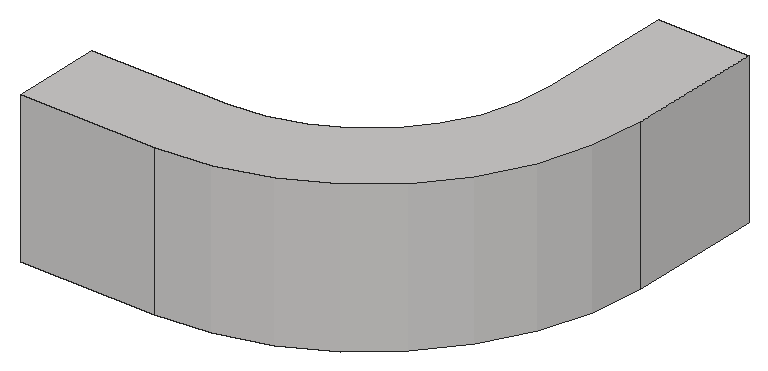
Revit family "S4R_OBO BETTERMANN_CableTray_Bend_Vertical_Inside_RBV S FT", category Cable Tray Fittings, Revit 2012
Parameters
  Wholesaler art.no. = ""
  Wholesaler = ""
  Watermarked By = "www.stabiplan.com"
  WIDTH2 [instance] = WIDTH1  # 100 mm
  WIDTH1 [instance] = 100 mm
  VERSION = "91900"  # constant formula
  URL = "www.stabiplan.com"
  built-in parameter 1140111 [instance] = 1 mm
  TYPE [instance] = "RBV  S FT"  # constant formula
  StabiCAD_PM = ""
  Safe_Half_Width2 [instance] = 50 mm
  Safe_Half_Width1 [instance] = 50 mm
  Safe_Half_Height2 [instance] = if(not([built-in parameter 1140115] > Half_Height2), [built-in parameter 1140115] - 0.2 mm, Half_Height2)  # 30 mm
  Safe_Half_Height1 [instance] = if(not([built-in parameter 1140115] > Half_Height1), [built-in parameter 1140115] - 0.2 mm, Half_Height1)  # 30 mm
  Manufacturer = "OBO BETTERMANN"  # constant formula
  Lmin [instance] = if(LENGTH1 > LENGTH2, LENGTH2, LENGTH1) - L2_Tail  # 150 mm
  PRODUCTLINE [instance] = "OBO BETTERMANN CableTrays"  # constant formula
  LENGTH2 [instance] = if(and(WIDTH1 = 50 mm, HEIGHT1 = 60 mm, ANGLE2 = 90.00°), 240 mm, if(and(WIDTH1 = 100 mm, HEIGHT1 = 60 mm, ANGLE2 = 90.00°), 240 mm, if(and(WIDTH1 = 150 mm, HEIGHT1 = 60 mm, ANGLE2 = 90.00°), 240 mm, if(and(WIDTH1 = 200 mm, HEIGHT1 = 60 mm, ANGLE2 = 90.00°), 240 mm, if(and(WIDTH1 = 300 mm, HEIGHT1 = 60 mm, ANGLE2 = 90.00°), 240 mm, if(and(WIDTH1 = 400 mm, HEIGHT1 = 60 mm, ANGLE2 = 90.00°), 240 mm, if(and(WIDTH1 = 500 mm, HEIGHT1 = 60 mm, ANGLE2 = 90.00°), 240 mm, if(and(WIDTH1 = 600 mm, HEIGHT1 = 60 mm, ANGLE2 = 90.00°), 240 mm, if(and(WIDTH1 = 100 mm, HEIGHT1 = 110 mm, ANGLE2 = 90.00°), 270 mm, if(and(WIDTH1 = 150 mm, HEIGHT1 = 110 mm, ANGLE2 = 90.00°), 270 mm, if(and(WIDTH1 = 200 mm, HEIGHT1 = 110 mm, ANGLE2 = 90.00°), 270 mm, if(and(WIDTH1 = 300 mm, HEIGHT1 = 110 mm, ANGLE2 = 90.00°), 270 mm, if(and(WIDTH1 = 400 mm, HEIGHT1 = 110 mm, ANGLE2 = 90.00°), 270 mm, if(and(WIDTH1 = 500 mm, HEIGHT1 = 110 mm, ANGLE2 = 90.00°), 270 mm, if(and(WIDTH1 = 600 mm, HEIGHT1 = 110 mm, ANGLE2 = 90.00°), 270 mm, if(and(WIDTH1 = 550 mm, HEIGHT1 = 110 mm, ANGLE2 = 90.00°), 270 mm, if(and(WIDTH1 = 100 mm, HEIGHT1 = 85 mm, ANGLE2 = 90.00°), 227.5 mm, if(and(WIDTH1 = 150 mm, HEIGHT1 = 85 mm, ANGLE2 = 90.00°), 227.5 mm, if(and(WIDTH1 = 200 mm, HEIGHT1 = 85 mm, ANGLE2 = 90.00°), 227.5 mm, if(and(WIDTH1 = 300 mm, HEIGHT1 = 85 mm, ANGLE2 = 90.00°), 227.5 mm, if(and(WIDTH1 = 400 mm, HEIGHT1 = 85 mm, ANGLE2 = 90.00°), 227.5 mm, if(and(WIDTH1 = 500 mm, HEIGHT1 = 85 mm, ANGLE2 = 90.00°), 227.5 mm, if(and(WIDTH1 = 600 mm, HEIGHT1 = 85 mm, ANGLE2 = 90.00°), 227.5 mm, WIDTH1)))))))))))))))))))))))  # 240 mm
  LENGTH1 [instance] = if(and(WIDTH1 = 50 mm, HEIGHT1 = 60 mm, ANGLE2 = 90.00°), 240 mm, if(and(WIDTH1 = 100 mm, HEIGHT1 = 60 mm, ANGLE2 = 90.00°), 240 mm, if(and(WIDTH1 = 150 mm, HEIGHT1 = 60 mm, ANGLE2 = 90.00°), 240 mm, if(and(WIDTH1 = 200 mm, HEIGHT1 = 60 mm, ANGLE2 = 90.00°), 240 mm, if(and(WIDTH1 = 300 mm, HEIGHT1 = 60 mm, ANGLE2 = 90.00°), 240 mm, if(and(WIDTH1 = 400 mm, HEIGHT1 = 60 mm, ANGLE2 = 90.00°), 240 mm, if(and(WIDTH1 = 500 mm, HEIGHT1 = 60 mm, ANGLE2 = 90.00°), 240 mm, if(and(WIDTH1 = 600 mm, HEIGHT1 = 60 mm, ANGLE2 = 90.00°), 240 mm, if(and(WIDTH1 = 100 mm, HEIGHT1 = 110 mm, ANGLE2 = 90.00°), 270 mm, if(and(WIDTH1 = 150 mm, HEIGHT1 = 110 mm, ANGLE2 = 90.00°), 270 mm, if(and(WIDTH1 = 200 mm, HEIGHT1 = 110 mm, ANGLE2 = 90.00°), 270 mm, if(and(WIDTH1 = 300 mm, HEIGHT1 = 110 mm, ANGLE2 = 90.00°), 270 mm, if(and(WIDTH1 = 400 mm, HEIGHT1 = 110 mm, ANGLE2 = 90.00°), 270 mm, if(and(WIDTH1 = 500 mm, HEIGHT1 = 110 mm, ANGLE2 = 90.00°), 270 mm, if(and(WIDTH1 = 600 mm, HEIGHT1 = 110 mm, ANGLE2 = 90.00°), 270 mm, if(and(WIDTH1 = 550 mm, HEIGHT1 = 110 mm, ANGLE2 = 90.00°), 270 mm, if(and(WIDTH1 = 100 mm, HEIGHT1 = 85 mm, ANGLE2 = 90.00°), 227.5 mm, if(and(WIDTH1 = 150 mm, HEIGHT1 = 85 mm, ANGLE2 = 90.00°), 227.5 mm, if(and(WIDTH1 = 200 mm, HEIGHT1 = 85 mm, ANGLE2 = 90.00°), 227.5 mm, if(and(WIDTH1 = 300 mm, HEIGHT1 = 85 mm, ANGLE2 = 90.00°), 227.5 mm, if(and(WIDTH1 = 400 mm, HEIGHT1 = 85 mm, ANGLE2 = 90.00°), 227.5 mm, if(and(WIDTH1 = 500 mm, HEIGHT1 = 85 mm, ANGLE2 = 90.00°), 227.5 mm, if(and(WIDTH1 = 600 mm, HEIGHT1 = 85 mm, ANGLE2 = 90.00°), 227.5 mm, WIDTH1)))))))))))))))))))))))  # 240 mm
  L2_Tail [instance] = if(ISCUSTOM, 1 mm, 90 mm)  # 90 mm
  L1_Tail [instance] = if(ISCUSTOM, 1 mm, 90 mm)  # 90 mm
  Internal art.no. = ""
  ISCUSTOM [instance] = if(and(WIDTH1 = 50 mm, HEIGHT1 = 60 mm, ANGLE2 = 90.00°), 1 = 0, if(and(WIDTH1 = 100 mm, HEIGHT1 = 60 mm, ANGLE2 = 90.00°), 1 = 0, if(and(WIDTH1 = 150 mm, HEIGHT1 = 60 mm, ANGLE2 = 90.00°), 1 = 0, if(and(WIDTH1 = 200 mm, HEIGHT1 = 60 mm, ANGLE2 = 90.00°), 1 = 0, if(and(WIDTH1 = 300 mm, HEIGHT1 = 60 mm, ANGLE2 = 90.00°), 1 = 0, if(and(WIDTH1 = 400 mm, HEIGHT1 = 60 mm, ANGLE2 = 90.00°), 1 = 0, if(and(WIDTH1 = 500 mm, HEIGHT1 = 60 mm, ANGLE2 = 90.00°), 1 = 0, if(and(WIDTH1 = 600 mm, HEIGHT1 = 60 mm, ANGLE2 = 90.00°), 1 = 0, if(and(WIDTH1 = 100 mm, HEIGHT1 = 110 mm, ANGLE2 = 90.00°), 1 = 0, if(and(WIDTH1 = 150 mm, HEIGHT1 = 110 mm, ANGLE2 = 90.00°), 1 = 0, if(and(WIDTH1 = 200 mm, HEIGHT1 = 110 mm, ANGLE2 = 90.00°), 1 = 0, if(and(WIDTH1 = 300 mm, HEIGHT1 = 110 mm, ANGLE2 = 90.00°), 1 = 0, if(and(WIDTH1 = 400 mm, HEIGHT1 = 110 mm, ANGLE2 = 90.00°), 1 = 0, if(and(WIDTH1 = 500 mm, HEIGHT1 = 110 mm, ANGLE2 = 90.00°), 1 = 0, if(and(WIDTH1 = 600 mm, HEIGHT1 = 110 mm, ANGLE2 = 90.00°), 1 = 0, if(and(WIDTH1 = 550 mm, HEIGHT1 = 110 mm, ANGLE2 = 90.00°), 1 = 0, if(and(WIDTH1 = 100 mm, HEIGHT1 = 85 mm, ANGLE2 = 90.00°), 1 = 0, if(and(WIDTH1 = 150 mm, HEIGHT1 = 85 mm, ANGLE2 = 90.00°), 1 = 0, if(and(WIDTH1 = 200 mm, HEIGHT1 = 85 mm, ANGLE2 = 90.00°), 1 = 0, if(and(WIDTH1 = 300 mm, HEIGHT1 = 85 mm, ANGLE2 = 90.00°), 1 = 0, if(and(WIDTH1 = 400 mm, HEIGHT1 = 85 mm, ANGLE2 = 90.00°), 1 = 0, if(and(WIDTH1 = 500 mm, HEIGHT1 = 85 mm, ANGLE2 = 90.00°), 1 = 0, if(and(WIDTH1 = 600 mm, HEIGHT1 = 85 mm, ANGLE2 = 90.00°), 1 = 0, 1 = 1)))))))))))))))))))))))  # no
  IFCExportType = ""
  IFCExportAs = ""
  Half_Width2 [instance] = 50 mm
  Half_Width1 [instance] = 50 mm
  Half_Height1 [instance] = HEIGHT1 / 2  # 30 mm
  Half_Height2 [instance] = HEIGHT2 / 2  # 30 mm
  HEIGHT2 [instance] = HEIGHT1  # 60 mm
  HEIGHT1 [instance] = 60 mm
  GTINNUMBER [instance] = if(and(WIDTH1 = 50 mm, HEIGHT1 = 60 mm, ANGLE2 = 90.00°), "4012195863335", if(and(WIDTH1 = 100 mm, HEIGHT1 = 60 mm, ANGLE2 = 90.00°), "4012195703730", if(and(WIDTH1 = 150 mm, HEIGHT1 = 60 mm, ANGLE2 = 90.00°), "4012195811015", if(and(WIDTH1 = 200 mm, HEIGHT1 = 60 mm, ANGLE2 = 90.00°), "4012195703747", if(and(WIDTH1 = 300 mm, HEIGHT1 = 60 mm, ANGLE2 = 90.00°), "4012195863342", if(and(WIDTH1 = 400 mm, HEIGHT1 = 60 mm, ANGLE2 = 90.00°), "4012195863380", if(and(WIDTH1 = 500 mm, HEIGHT1 = 60 mm, ANGLE2 = 90.00°), "4012195863397", if(and(WIDTH1 = 600 mm, HEIGHT1 = 60 mm, ANGLE2 = 90.00°), "4012195863403", if(and(WIDTH1 = 100 mm, HEIGHT1 = 110 mm, ANGLE2 = 90.00°), "4012195850908", if(and(WIDTH1 = 150 mm, HEIGHT1 = 110 mm, ANGLE2 = 90.00°), "4012195995593", if(and(WIDTH1 = 200 mm, HEIGHT1 = 110 mm, ANGLE2 = 90.00°), "4012195809197", if(and(WIDTH1 = 300 mm, HEIGHT1 = 110 mm, ANGLE2 = 90.00°), "4012195863618", if(and(WIDTH1 = 400 mm, HEIGHT1 = 110 mm, ANGLE2 = 90.00°), "4012195809203", if(and(WIDTH1 = 500 mm, HEIGHT1 = 110 mm, ANGLE2 = 90.00°), "4012195863625", if(and(WIDTH1 = 600 mm, HEIGHT1 = 110 mm, ANGLE2 = 90.00°), "4012195995609", if(and(WIDTH1 = 550 mm, HEIGHT1 = 110 mm, ANGLE2 = 90.00°), "4012195863632", if(and(WIDTH1 = 100 mm, HEIGHT1 = 85 mm, ANGLE2 = 90.00°), "4012195863502", if(and(WIDTH1 = 150 mm, HEIGHT1 = 85 mm, ANGLE2 = 90.00°), "4012195995708", if(and(WIDTH1 = 200 mm, HEIGHT1 = 85 mm, ANGLE2 = 90.00°), "4012195863519", if(and(WIDTH1 = 300 mm, HEIGHT1 = 85 mm, ANGLE2 = 90.00°), "4012195863526", if(and(WIDTH1 = 400 mm, HEIGHT1 = 85 mm, ANGLE2 = 90.00°), "4012195863564", if(and(WIDTH1 = 500 mm, HEIGHT1 = 85 mm, ANGLE2 = 90.00°), "4012195863571", if(and(WIDTH1 = 600 mm, HEIGHT1 = 85 mm, ANGLE2 = 90.00°), "4012195863588", "Unknown")))))))))))))))))))))))  # "4012195703730"
  ETIM article class = ""
  Description = "Vertical CableTray Bend Inside"
  DEEPLINK = "http://catalog1.obo-bettermann.com/catalogue/catalogue.do?forward=showProductGroup&act=showIO&favOid=kts_356914&action=showManyProducts&lang=de&OID=kts_356914&catId="
  Copyright = "© Stabiplan BV / Stabiplan International BV"  # constant formula
  CT2 [instance] = 1
  CT1 [instance] = 1
  BodyColor = Steel
  built-in parameter 1140115 [instance] = Lmin / tan(ANGLE2 / 2)  # 150 mm
  ARTICLENUMBER [instance] = if(and(WIDTH1 = 50 mm, HEIGHT1 = 60 mm, ANGLE2 = 90.00°), "7007002", if(and(WIDTH1 = 100 mm, HEIGHT1 = 60 mm, ANGLE2 = 90.00°), "7007006", if(and(WIDTH1 = 150 mm, HEIGHT1 = 60 mm, ANGLE2 = 90.00°), "7007010", if(and(WIDTH1 = 200 mm, HEIGHT1 = 60 mm, ANGLE2 = 90.00°), "7007014", if(and(WIDTH1 = 300 mm, HEIGHT1 = 60 mm, ANGLE2 = 90.00°), "7007018", if(and(WIDTH1 = 400 mm, HEIGHT1 = 60 mm, ANGLE2 = 90.00°), "7007022", if(and(WIDTH1 = 500 mm, HEIGHT1 = 60 mm, ANGLE2 = 90.00°), "7007026", if(and(WIDTH1 = 600 mm, HEIGHT1 = 60 mm, ANGLE2 = 90.00°), "7007030", if(and(WIDTH1 = 100 mm, HEIGHT1 = 110 mm, ANGLE2 = 90.00°), "7007398", if(and(WIDTH1 = 150 mm, HEIGHT1 = 110 mm, ANGLE2 = 90.00°), "7007313", if(and(WIDTH1 = 200 mm, HEIGHT1 = 110 mm, ANGLE2 = 90.00°), "7007400", if(and(WIDTH1 = 300 mm, HEIGHT1 = 110 mm, ANGLE2 = 90.00°), "7007319", if(and(WIDTH1 = 400 mm, HEIGHT1 = 110 mm, ANGLE2 = 90.00°), "7007404", if(and(WIDTH1 = 500 mm, HEIGHT1 = 110 mm, ANGLE2 = 90.00°), "7007327", if(and(WIDTH1 = 600 mm, HEIGHT1 = 110 mm, ANGLE2 = 90.00°), "7007334", if(and(WIDTH1 = 550 mm, HEIGHT1 = 110 mm, ANGLE2 = 90.00°), "7007331", if(and(WIDTH1 = 100 mm, HEIGHT1 = 85 mm, ANGLE2 = 90.00°), "7007231", if(and(WIDTH1 = 150 mm, HEIGHT1 = 85 mm, ANGLE2 = 90.00°), "7007233", if(and(WIDTH1 = 200 mm, HEIGHT1 = 85 mm, ANGLE2 = 90.00°), "7007235", if(and(WIDTH1 = 300 mm, HEIGHT1 = 85 mm, ANGLE2 = 90.00°), "7007239", if(and(WIDTH1 = 400 mm, HEIGHT1 = 85 mm, ANGLE2 = 90.00°), "7007243", if(and(WIDTH1 = 500 mm, HEIGHT1 = 85 mm, ANGLE2 = 90.00°), "7007247", if(and(WIDTH1 = 600 mm, HEIGHT1 = 85 mm, ANGLE2 = 90.00°), "7007251", "Unknown")))))))))))))))))))))))  # "7007006"
  ARTICLEDESCRIPTION [instance] = "Vertical CableTray Bend Inside"
  ANGLE2 [instance] = 90.00°  # constant formula
Reference planes
  plane 1 "Center (Front/Back)": y = 0
  plane 2: z = 0
  plane 3 "Center (Left/Right)": x = 0
  plane 4: y = 150
  plane 5: x = -150
Forms (mm)
  Sweep 1, solid, material "Steel" <- "BodyColor", detail levels medium
    path in 3D
      loop
        line (-150, 0, 0) -> (-240, 0, 0)
    profile origin (-195, 0, 0) x (0, -1, 0) y (0, 0, 1)
      loop
        line (-30, 50) -> (-30, -50) -> (30, -50) -> (30, 50) -> (-30, 50)
  Sweep 2, solid, material "Steel" <- "BodyColor", detail levels medium
    path in 3D
      loop
        line (0, 150, 0) -> (0, 240, 0)
    profile origin (0, 195, 0) x (-1, 0, 0) y (0, 0, 1)
      loop
        line (30, -50) -> (30, 50) -> (-30, 50) -> (-30, -50) -> (30, -50)
  SweptBlend 3, solid, material "Steel" <- "BodyColor", detail levels medium
    path in 3D
      loop
        arc (-150, 0, 0) -> (-43.934, 43.934, 0) -> (0, 150, 0) r 150
    profile origin (-150, 0, 0) x (0, 1, 0) y (0, 0, 1)
      loop
        line (30, 50) -> (-30, 50) -> (-30, -50) -> (30, -50) -> (30, 50)
    end profile origin (0, 150, 0) x (-1, 0, 0) y (0, 0, 1)
      loop
        line (30, 50) -> (-30, 50) -> (-30, -50) -> (30, -50) -> (30, 50)
  Sweep 4, solid, material "Steel" <- "BodyColor", detail levels fine
    path in 3D
      loop
        line (-150, 0, 0) -> (-240, 0, 0)
    profile origin (-195, 0, 0) x (0, -1, 0) y (0, 0, 1)
      loop
        line (30, 50) -> (-30, 50) -> (-30, 49) -> (29, 49) -> (29, -49) -> (-30, -49) -> (-30, -50) -> (30, -50) -> (30, 50)
  Sweep 5, solid, material "Steel" <- "BodyColor", detail levels fine
    path in 3D
      loop
        line (0, 150, 0) -> (0, 240, 0)
    profile origin (0, 195, 0) x (-1, 0, 0) y (0, 0, 1)
      loop
        line (-30, 50) -> (-30, -50) -> (30, -50) -> (30, -49) -> (-29, -49) -> (-29, 49) -> (30, 49) -> (30, 50) -> (-30, 50)
  SweptBlend 6, solid, material "Steel" <- "BodyColor", detail levels fine
    path in 3D
      loop
        arc (-150, 0, 0) -> (-43.934, 43.934, 0) -> (0, 150, 0) r 150
    profile origin (-150, 0, 0) x (0, 1, 0) y (0, 0, 1)
      loop
        line (-30, 50) -> (-30, -50) -> (30, -50) -> (30, -49) -> (-29, -49) -> (-29, 49) -> (30, 49) -> (30, 50) -> (-30, 50)
    end profile origin (0, 150, 0) x (-1, 0, 0) y (0, 0, 1)
      loop
        line (-30, 50) -> (-30, -50) -> (30, -50) -> (30, -49) -> (-29, -49) -> (-29, 49) -> (30, 49) -> (30, 50) -> (-30, 50)
Cuts and joins
  joined: Sweep 1, Sweep 2, SweptBlend 3
  joined: Sweep 4, Sweep 5, SweptBlend 6
Lines and regions (mm)
  reference lines
    curve 1: line (-150, 150, 0) -> (-150, 0, 0)
    curve 2: line (-150, 0, 0) -> (0, 0, 0)
    curve 3: line (0, 0, 0) -> (0, 150, 0)
    curve 4: line (0, 150, 0) -> (-150, 150, 0)
    curve 5: arc (-150, 0, 0) -> (-43.934, 43.934, 0) -> (0, 150, 0) r 150
    curve 6: line (-150, 0, 0) -> (-240, 0, 0)
    curve 7: line (0, 150, 0) -> (0, 240, 0)
  model lines, style "Coarse", detail levels coarse
    curve 8: line (-150, 0, 0) -> (-240, 0, 0)
    curve 10: line (0, 150, 0) -> (0, 240, 0)
  model lines, detail levels coarse
    curve 9: arc (-150, 0, 0) -> (-43.934, 43.934, 0) -> (0, 150, 0) r 150
  sketch lines
    curve 11: line (-150, 0, 0) -> (-240, 0, 0)
    curve 12: line (0, 150, 0) -> (0, 240, 0)
    curve 13: arc (-150, 0, 0) -> (-43.934, 43.934, 0) -> (0, 150, 0) r 150
    curve 14: line (-150, 0, 0) -> (-240, 0, 0)
    curve 15: line (0, 150, 0) -> (0, 240, 0)
    curve 16: arc (-150, 0, 0) -> (-43.934, 43.934, 0) -> (0, 150, 0) r 150
Dimensions and locks
  "Lmin": plane 5 to plane 3 "Center (Left/Right)"
  "built-in parameter 1140115": plane 4 to plane 1 "Center (Front/Back)"
  "built-in parameter 1140115": curve 4 to curve 4
  "built-in parameter 1140115": plane 1 "Center (Front/Back)" to curve 1
  "L1_Tail": curve 6 to curve 6
  "L2_Tail": curve 7 to curve 7
  "L1_Tail": curve 8 to curve 8
  "L2_Tail": curve 10 to curve 10
  equal spacing: Sweep 1 sketch curve, profile plane, Sweep 1 sketch curve  (x2)
  "HEIGHT1": Sweep 1 sketch curve to Sweep 1 sketch curve
  "WIDTH1": Sweep 1 sketch curve to Sweep 1 sketch curve
  equal spacing: Sweep 2 sketch curve, profile plane, Sweep 2 sketch curve  (x2)
  "HEIGHT2": Sweep 2 sketch curve to Sweep 2 sketch curve
  "WIDTH2": Sweep 2 sketch curve to Sweep 2 sketch curve
  equal spacing: SweptBlend 3 sketch curve, profile plane, SweptBlend 3 sketch curve  (x2)
  "WIDTH1": SweptBlend 3 sketch curve to SweptBlend 3 sketch curve
  "WIDTH2": SweptBlend 3 sketch curve to SweptBlend 3 sketch curve
  equal spacing: Sweep 4 sketch curve, profile plane, Sweep 4 sketch curve  (x3)
  "WIDTH1": Sweep 4 sketch curve to Sweep 4 sketch curve
  "built-in parameter 1140111": Sweep 4 sketch curve to Sweep 4 sketch curve  (x3)
  equal spacing: Sweep 5 sketch curve, profile plane, Sweep 5 sketch curve  (x3)
  "WIDTH2": Sweep 5 sketch curve to Sweep 5 sketch curve
  "built-in parameter 1140111": Sweep 5 sketch curve to Sweep 5 sketch curve  (x3)
  "built-in parameter 1140111": SweptBlend 6 sketch curve to SweptBlend 6 sketch curve  (x6)
  equal spacing: SweptBlend 6 sketch curve, profile plane, SweptBlend 6 sketch curve  (x2)
  "WIDTH1": SweptBlend 6 sketch curve to SweptBlend 6 sketch curve
  "WIDTH2": SweptBlend 6 sketch curve to SweptBlend 6 sketch curve
  "HEIGHT2": Sweep 5 sketch curve to Sweep 5 sketch curve
  "HEIGHT1": Sweep 4 sketch curve to Sweep 4 sketch curve
  "Half_Height1": SweptBlend 3 sketch curve to profile plane
  "Safe_Half_Height1": profile plane to SweptBlend 3 sketch curve
  "Half_Height2": profile plane to SweptBlend 3 sketch curve
  "Safe_Half_Height2": SweptBlend 3 sketch curve to profile plane
  "Safe_Half_Height1": profile plane to SweptBlend 6 sketch curve  (x2)
  "Half_Height1": SweptBlend 6 sketch curve to profile plane
  "Safe_Half_Height2": SweptBlend 6 sketch curve to profile plane  (x2)
  "Half_Height2": profile plane to SweptBlend 6 sketch curve
  "built-in parameter 1140115": radius of curve 5
  "ANGLE2": angle plane 5 to curve 4
  locked: curve 7 to curve 4 (angle 90.00°)
  "ANGLE2": angle curve 9 to curve 9
  locked: curve 10 to curve 4 (angle 90.00°)
  aligned and locked: level to plane 2
  aligned and locked: plane 1 "Center (Front/Back)" to curve 2  (x2)
  aligned and locked: plane 3 "Center (Left/Right)" to curve 2
  aligned and locked: curve 1 to plane 5
  aligned and locked: curve 9 to curve 5
Connectors
  cabletrayconduit at (-240, 0, 0), driven by "WIDTH1", driven by "HEIGHT1", driven by "ANGLE2"
    settings: on Sweep 1, index 1, connector width 60 mm, connector height 100 mm, connector radius 300 mm, connector angle 90.00°, system type 32, placement type 0, profile type 1, connector reference index 2, is primary connector yes, connector utility param no, connector description ""
  cabletrayconduit at (0, 240, 0), driven by "ANGLE2", driven by "WIDTH2", driven by "HEIGHT2"
    settings: on Sweep 2, index 2, connector width 60 mm, connector height 100 mm, connector radius 300 mm, connector angle 90.00°, system type 32, placement type 0, profile type 1, connector reference index 1, is primary connector no, connector utility param no, connector description ""
